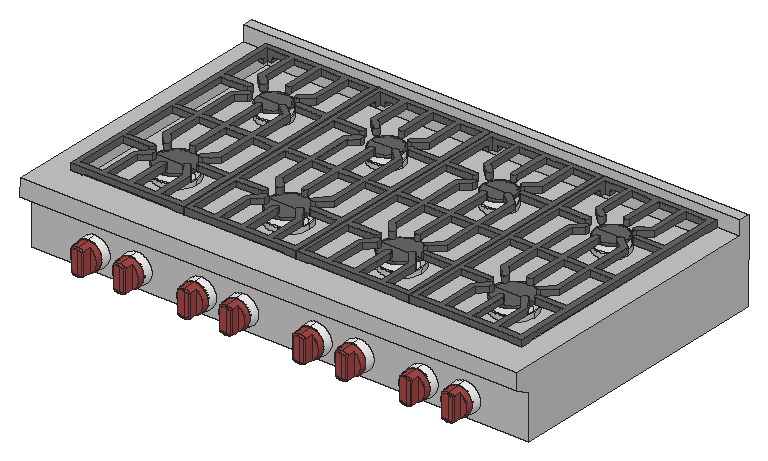
Revit family "M_Fogão de acendimento frontal-1200 mm", category Equipamento especial, Revit 2019
Family settings
  Cota do conector redondo = Utilizar diâmetro
  Tipo de parte = Normal
  Número OmniClass = 23.40.40.14
  Título OmniClass = Food Service Equipment
  Com base no plano de trabalho = Não
  Sempre na vertical = Sim
  Corte com vazios quando carregada = Não
  Compartilhado = Não
  Ponto de cálculo do ambiente = Não
Parameters (values of type "Queimadores")
  Largura = 1200 mm
  Deslocamento de parede = 0 mm
  Voltagem = 120 V
  Type Comments = ""
  Acabamento da moldura = Eletrodoméstico – Cromado
  Mostrar legenda = yes
  Consumo de energia = 500 VA
  Legenda = "Acendimento frontal"
  Botão = Eletrodoméstico – Plástico – Vermelho
  Altura = 200 mm
  Chapa = Eletrodoméstico – Aço inoxidável – Escovado
  Largura da grelha = (Largura - 107.95 mm) / 4 - 0.794 mm  # 272.219 mm
  Profundidade da grelha = Linear - 109.438 mm  # 590.55 mm
  Descrição = "Acendimento frontal"
  Linear = 699.988 mm
  Queimadores direitos centrais = yes
  Grelha central – Direita = M_Superfície do fogão : M_Queimadores
  Grelha central – Esquerda = M_Superfície do fogão : M_Queimadores
  Queimadores esquerdos centrais = yes
  Queimador = Eletrodoméstico – Tampa do queimador
  Código de montagem = "E1090320"
  Acabamento do eletrodoméstico = Eletrodoméstico – Aço inoxidável – Semipolido
  Amperagem = Consumo de energia / Voltagem  # 4.16667 A
Types (8, lengths in mm): name | Profundidade da grelha | Linear | Queimadores direitos centrais | Grelha central – Direita | Grelha central – Esquerda | Queimadores esquerdos centrais
  Queimadores | 590.55 | 699.988 | yes | M_Superfície do fogão : M_Queimadores | M_Superfície do fogão : M_Queimadores | yes
  Chapa/grelhador | 590.55 | 699.988 | no | M_Superfície do fogão : M_Grelhador | M_Superfície do fogão : M_Chapa | no
  Grelhador/chapa | 590.562 | 700 | no | M_Superfície do fogão : M_Chapa | M_Superfície do fogão : M_Grelhador | no
  Chapa dupla | 590.55 | 699.988 | no | M_Superfície do fogão : M_Chapa dupla – Direita | M_Superfície do fogão : M_Chapa dupla – Esquerda | no
  Chapa – Centro esquerda | 590.55 | 699.988 | yes | M_Superfície do fogão : M_Queimadores | M_Superfície do fogão : M_Chapa | no
  Chapa – Centro direita | 590.55 | 699.988 | no | M_Superfície do fogão : M_Chapa | M_Superfície do fogão : M_Queimadores | yes
  Grelhador – Centro esquerda | 590.55 | 699.988 | yes | M_Superfície do fogão : M_Queimadores | M_Superfície do fogão : M_Grelhador | no
  Grelhador – Centro direita | 590.55 | 699.988 | no | M_Superfície do fogão : M_Grelhador | M_Superfície do fogão : M_Queimadores | yes
Reference planes
  plane 1 "Parte posterior": y = 0
  plane 2: z = 0
  plane 3 "Centro (Esquerda/Direita)": x = 0
  plane 4 "Esquerda": x = -600
  plane 5 "Direita": x = 600
  plane 6: y = 0
  plane 7 "Aresta": y = -699.988
  plane 8 "Traseira da porta": y = -615.988
  plane 9 "Superior": z = 200
  plane 10 "Queimador": z = 165
  plane 11 "Botões": z = 44.35
  plane 12 "Face da porta": y = -663.988
  plane 13: x = 544.438
  plane 14: x = -544.438
  plane 15: x = 326.663
  plane 16: x = -326.663
  plane 17: x = -162
  plane 18: x = -108.887
  plane 19: x = 108.888
  plane 20: x = -447.6
  plane 21: x = -346
  plane 22: x = 447.6
  plane 23: x = 346
  plane 24: x = 236.969
  plane 25: z = 133.06
  plane 26: x = -381
  plane 27: x = 219
  plane 28: y = -953.988
  plane 29: x = -10.16
  plane 30: x = 10.16
  plane 31: x = -30.48
  plane 32: x = 30.48
  plane 33: x = 283.369
  plane 34 "1": x = -272.219
  plane 35: x = 0
  plane 36 "2": x = 272.219
  plane 37: x = -193.75
  plane 38: x = 193.675
  plane 39: x = -182.525
  plane 40: x = 182.525
  plane 41: x = -88.9
  plane 42: x = -190.5
  plane 43: x = 88.9
  plane 44: x = 190.5
  plane 45: x = 498.4
  plane 46: x = 422.2
  plane 47: y = -101.6
Forms (mm)
  Extrusion 1, void
    sketch origin (0, 0, 200) x (-1, 0, 0) y (0, -1, 0)
      loop
        line (544.438, 25.4) -> (544.438, 615.988) -> (-544.438, 615.988) -> (-544.438, 25.4) -> (544.438, 25.4)
    from 0 to -66.94
  Extrusion 2, solid, material "Eletrodoméstico – Aço inoxidável – Semipolido" <- "Acabamento do eletrodoméstico"
    sketch origin (0, 0, 0) x (0, 1, 0) y (0, 0, 1)
      loop
        line (-25.4, 200) -> (-25.4, 165) -> (-699.988, 165) -> (-699.988, 125) -> (-663.988, 105) -> (-663.988, 0) -> (0, 0) -> (0, 200) -> (-25.4, 200)
    from -600 to 600
Cuts and joins
  Extrusion 1 cuts Extrusion 2
Lines and regions (mm)
  Split face 1
    outline origin (600, -663.988, 0) x (0, 1, 0) y (-1, 0, 0)
      loop
        circle (562.388, 101.6) r 6.35
  Split face 2
    outline origin (600, -663.988, 0) x (0, 1, 0) y (-1, 0, 0)
      loop
        circle (562.388, 177.8) r 6.35
Dimensions and locks
  equal spacing: plane 4 "Esquerda", plane 3 "Centro (Esquerda/Direita)", plane 5 "Direita"
  "Largura": plane 4 "Esquerda" to plane 5 "Direita"
  "Linear": plane 6 to plane 7 "Aresta"
  "Deslocamento de parede": plane 1 "Parte posterior" to plane 6
  "Altura": plane 9 "Superior" to level
  locked: plane 8 "Traseira da porta" to plane 7 "Aresta" at 84
  locked: plane 9 "Superior" to plane 10 "Queimador" at 35
  locked: plane 10 "Queimador" to plane 11 "Botões" at 120.65
  locked: plane 6 to Extrusion 2 sketch curve at 25.4
  plane 6 to Extrusion 1 sketch curve = 25.4 mm
  locked: plane 7 "Aresta" to plane 12 "Face da porta" at 36
  locked: plane 13 to plane 5 "Direita" at 55.562
  plane 4 "Esquerda" to plane 14 = 55.562 mm
  locked: plane 5 "Direita" to plane 17 at 762
  equal spacing: plane 14, plane 16, plane 18, plane 19, plane 15, plane 13
  plane 21 to plane 20 to plane 4 "Esquerda" = 101.6 mm locked, 152.4 mm locked
  plane 5 "Direita" to plane 22 to plane 23 = 152.4 mm locked, 101.6 mm locked
  locked: plane 15 to plane 24 at 89.694
  locked: plane 9 "Superior" to plane 25 at 66.94
  equal spacing: plane 4 "Esquerda", plane 26, plane 17
  equal spacing: plane 17, plane 27, plane 5 "Direita"
  locked: plane 7 "Aresta" to plane 28 at 254
  locked: plane 3 "Centro (Esquerda/Direita)" to plane 29 at 10.16
  plane 30 to plane 3 "Centro (Esquerda/Direita)" = 10.16 mm
  locked: plane 32 to plane 30 at 20.32
  locked: plane 29 to plane 31 at 20.32
  plane 14 to plane 34 "1" to plane 35 to plane 13 = 272.219 mm, 272.219 mm, 544.438 mm  (x2)
  plane 20 to plane 21 = 101.6 mm
  equal spacing: plane 14, plane 34 "1", plane 35, plane 36 "2", plane 13
  locked: plane 17 to plane 37 at 31.75
  plane 33 to plane 38 = 89.694 mm
  locked: plane 39 to plane 34 "1" at 89.694
  locked: plane 36 "2" to plane 40 at 89.694
  plane 3 "Centro (Esquerda/Direita)" to plane 41 to plane 42 = 88.9 mm locked, 101.6 mm locked
  locked: plane 43 to plane 3 "Centro (Esquerda/Direita)" at 88.9
  locked: plane 44 to plane 43 at 101.6
  plane 46 to plane 45 to plane 5 "Direita" = 76.2 mm locked, 101.6 mm locked
  locked: plane 6 to plane 47 at 101.6
  radius of Split face 1 sketch curve = 6.35 mm
  radius of Split face 2 sketch curve = 6.35 mm
  aligned and locked: plane 2 to level
  aligned and locked: plane 9 "Superior" to Extrusion 2 sketch curve
  aligned and locked: Extrusion 2 sketch curve to plane 12 "Face da porta"
  aligned and locked: plane 7 "Aresta" to Extrusion 2 sketch curve
  aligned and locked: plane 10 "Queimador" to Extrusion 2 sketch curve
  aligned and locked: Extrusion 2 sketch curve to plane 6
  aligned and locked: plane 12 "Face da porta" to nested 2
  aligned and locked: plane 12 "Face da porta" to nested 3
  aligned and locked: nested 2 to plane 11 "Botões"
  aligned and locked: nested 3 to plane 11 "Botões"
  aligned and locked: plane 12 "Face da porta" to nested 4
  aligned and locked: nested 4 to plane 11 "Botões"
  aligned and locked: plane 14 to Extrusion 1 sketch curve
  aligned and locked: Extrusion 1 sketch curve to plane 13
  aligned and locked: nested 5 to plane 8 "Traseira da porta"
  aligned and locked: nested 8 to plane 11 "Botões"
  aligned and locked: nested 6 to plane 11 "Botões"
  aligned and locked: nested 7 to plane 11 "Botões"
  aligned and locked: nested 7 to plane 12 "Face da porta"
  aligned and locked: nested 8 to plane 12 "Face da porta"
  aligned and locked: nested 6 to plane 12 "Face da porta"
  aligned and locked: nested 9 to plane 12 "Face da porta"
  aligned and locked: nested 10 to plane 12 "Face da porta"
  aligned and locked: plane 20 to nested 4
  aligned and locked: plane 21 to nested 3
  aligned and locked: plane 22 to nested 6
  aligned and locked: plane 23 to nested 2
  aligned and locked: nested 9 to plane 11 "Botões"
  aligned and locked: nested 10 to plane 11 "Botões"
  aligned and locked: plane 25 to nested 5
  aligned and locked: nested 1 to plane 28
  aligned and locked: nested 5 to plane 14
  aligned and locked: plane 34 "1" to nested 11
  aligned and locked: plane 36 "2" to nested 13
  aligned and locked: plane 36 "2" to nested 12
  aligned and locked: plane 8 "Traseira da porta" to nested 11
  aligned and locked: plane 8 "Traseira da porta" to nested 12
  aligned and locked: plane 8 "Traseira da porta" to nested 13
  aligned and locked: plane 25 to nested 11
  aligned and locked: plane 25 to nested 12
  aligned and locked: plane 25 to nested 13
  aligned and locked: plane 3 "Centro (Esquerda/Direita)" to nested 1
  aligned and locked: cut or joined group of Extrusion 1, Extrusion 2 to plane 2
  aligned and locked: plane 41 to nested 9
  aligned and locked: plane 42 to nested 7
  aligned and locked: plane 43 to nested 10
  aligned and locked: plane 44 to nested 8
  aligned and locked: Extrusion 2 to plane 4 "Esquerda"
  aligned and locked: plane 5 "Direita" to cut or joined group of Extrusion 1, Extrusion 2
Automatic sketch dimensions
  Extrusion 1 sketch curve to plane 8 "Traseira da porta" = 0 mm
  Extrusion 2 sketch curve to plane 10 "Queimador" = 60 mm
  Extrusion 2 sketch curve to Extrusion 2 sketch curve = 40 mm
  level to Extrusion 2 sketch curve = 0 mm
  Split face 1 sketch curve to cut or joined group of Extrusion 1, Extrusion 2 = 101.6 mm  (x2)
  Split face 2 sketch curve to cut or joined group of Extrusion 1, Extrusion 2 = 101.6 mm
  Split face 2 sketch curve to cut or joined group of Extrusion 1, Extrusion 2 = 177.8 mm
Nested families
  nested 1: "Anotação de legenda de 2,5" at (0, -953.988, 0), visible <- "Mostrar legenda", type "Anotação de legenda de 2,5"
  nested 2: "M_Botão" at (346, -663.988, 44.35), type "M_Botão", detail levels medium+fine
  nested 3: "M_Botão" at (-346, -663.988, 44.35), type "M_Botão", detail levels medium+fine
  nested 4: "M_Botão" at (-447.6, -663.988, 44.35), type "M_Botão", detail levels medium+fine
  nested 5: "M_Superfície do fogão" at (-408.159, -320.713, 133.06), type "M_Queimadores"
    with Mostrar grelha yes, Mostrar base no, Tem grelhador no, Extensão direita da chapa 3 mm, Extensão esquerda da chapa 3 mm, Largura da grelha 272.219 mm, Profundidade da grelha 590.55 mm, Tem queimadores yes, Mostrar queimadores yes
  nested 6: "M_Botão" at (447.6, -663.988, 44.35), type "M_Botão", detail levels medium+fine
  nested 7: "M_Botão" at (-190.5, -663.988, 44.35), type "M_Botão", detail levels medium+fine
  nested 8: "M_Botão" at (190.5, -663.988, 44.35), type "M_Botão", detail levels medium+fine
  nested 9: "M_Botão" at (-88.9, -663.988, 44.35), visible <- "Queimadores esquerdos centrais", type "M_Botão", detail levels medium+fine
  nested 10: "M_Botão" at (88.9, -663.988, 44.35), visible <- "Queimadores direitos centrais", type "M_Botão", detail levels medium+fine
  nested 11: "M_Superfície do fogão" at (-135.94, -320.713, 133.06), type <- "Grelha central – Esquerda", type "M_Queimadores"
    with Mostrar grelha yes, Mostrar base no, Tem grelhador no, Extensão direita da chapa 3 mm, Extensão esquerda da chapa 3 mm, Largura da grelha 272.219 mm, Profundidade da grelha 590.55 mm, Tem queimadores yes, Mostrar queimadores yes
  nested 12: "M_Superfície do fogão" at (136.278, -320.713, 133.06), type <- "Grelha central – Direita", type "M_Queimadores"
    with Mostrar grelha yes, Mostrar base no, Tem grelhador no, Extensão direita da chapa 3 mm, Extensão esquerda da chapa 3 mm, Largura da grelha 272.219 mm, Profundidade da grelha 590.55 mm, Tem queimadores yes, Mostrar queimadores yes
  nested 13: "M_Superfície do fogão" at (408.497, -320.713, 133.06), type "M_Queimadores"
    with Mostrar grelha yes, Mostrar base no, Tem grelhador no, Extensão direita da chapa 3 mm, Extensão esquerda da chapa 3 mm, Largura da grelha 272.219 mm, Profundidade da grelha 590.55 mm, Tem queimadores yes, Mostrar queimadores yes
Connectors
  electrical at (498.4, -101.6, 0), driven by "Voltagem", driven by "Consumo de energia"
    settings: on cut or joined group of Extrusion 1, Extrusion 2, index 1, voltage 120 V, apparent load 500 VA, apparent load phase1 0 VA, apparent load phase2 0 VA, apparent load phase3 0 VA, power factor 1, load classification "Eletrodoméstico", number of poles 1, system type 30, power factor state 1, is connector primary yes, connector utility no, sub classification motor no, connector description "Potência do fogão de acendimento frontal"
  piping at (422.2, -101.6, 0), diameter 12.7
    settings: on cut or joined group of Extrusion 1, Extrusion 2, index 2, connector inside diameter 609.6 mm, connector length 0 mm, flow factor 0, pipe flow 0.0 L/s, pressure drop 0.0 Pa, fitting loss kfactor 0, connector angle 0.00°, fixture units 0, engagement length 0 mm, angle of deflection 0.00°, flow configuration 1, flow direction 1, fitting loss method 0, system type 22, joint type 0, gender type 0, connector reference index -1, connector utility 0, adjustable connector no, is connector primary yes, connector description "Fogão a gás de acendimento frontal"
Definition of nested family "M_Botão"
  Parameters (values of type "Botão")
    Material = none
    Material da moldura = none
  Reference planes
    plane 1 "Centro (Frente/Trás)": y = 0
    plane 2: z = 0
    plane 3 "Centro (Esquerda/Direita)": x = 0
    plane 4: y = -35
    plane 5: y = -55
  Forms (mm)
    Revolve 1, solid, material <- "Material"
      sketch origin (0, 0, 0) x (0, 1, 0) y (0, 0, 1)
        loop
          line (0, 35) -> (-20, 33) -> (-20, 32) -> (-52.687, 31.066)
          arc (-52.687, 31.066) -> (-54.326, 30.345) -> (-55, 28.686) r 2.381
          line (-55, 28.686) -> (-55, 0) -> (0, 0) -> (0, 35)
        axis (0, 0) -> (-55, 0)
      angle from 0 to 360
    Extrusion 2, void
      sketch origin (0, 0, 0) x (1, 0, 0) y (0, 1, 0)
        loop
          line (31.571, -35) -> (15, -35) -> (15, -52.619)
          arc (15, -52.619) -> (14.303, -54.303) -> (12.619, -55) r 2.381
          line (12.619, -55) -> (31.571, -55) -> (31.571, -35)
        loop
          line (-31.571, -35) -> (-31.571, -55) -> (-12.619, -55)
          arc (-12.619, -55) -> (-14.303, -54.303) -> (-15, -52.619) r 2.381
          line (-15, -52.619) -> (-15, -35) -> (-31.571, -35)
      from -34.753 to 36.709
  Cuts and joins
    Extrusion 2 cuts Revolve 1
  Dimensions and locks
    plane 5 to plane 4 to plane 1 "Centro (Frente/Trás)" = 20 mm locked, 35 mm locked
    aligned and locked: plane 2 to level
    aligned and locked: Revolve 1 sketch curve to level
    aligned and locked: plane 4 to Extrusion 2 sketch curve
    aligned and locked: Extrusion 2 sketch curve to plane 5
Definition of nested family "M_Superfície do fogão"
  Parameters (values of type "Grelhador")
    Mostrar grelha = no
    Mostrar base = yes
    Tem grelhador = yes
    Tem chapa = no
    Extensão direita da chapa = 30 mm
    Extensão esquerda da chapa = 20 mm
    Chapa = none
    Largura da grelha = 270 mm
    Espessura da grelha = 12.5 mm
    Profundidade da grelha = 590 mm
    Grelha = none
    Queimador = none
    Tem queimadores = no
    Mostrar queimadores = no
  Types (5, lengths in mm): name | Mostrar grelha | Mostrar base | Tem grelhador | Tem chapa | Extensão direita da chapa | Extensão esquerda da chapa | Espessura da grelha | Tem queimadores | Mostrar queimadores
    Queimadores | yes | no | no | no | 3 | 3 | 12.5 | yes | yes
    Grelhador | no | yes | yes | no | 30 | 20 | 12.5 | no | no
    Chapa | no | no | no | yes | 3 | 3 | 14.484 | no | no
    Chapa dupla – Esquerda | no | no | no | yes | 0 | 3 | 14.484 | no | no
    Chapa dupla – Direita | no | no | no | yes | 3 | 0 | 14.484 | no | no
  Reference planes
    plane 1 "Centro (Frente/Trás)": y = 0
    plane 2 "Inferior": z = 0
    plane 3 "Centro (Esquerda/Direita)": x = -0.169
    plane 4 "Queimador T.O.": z = 34.091
    plane 5 "Queimador posterior": y = 147.5
    plane 6 "Queimador frontal": y = -147.5
    plane 7: z = 61.94
    plane 8 "Grelha B.O.": z = 0
    plane 9 "Painel T.O.": z = 19.5
    plane 10 "Parte posterior": y = 295
    plane 11 "Parte frontal": y = -295
    plane 12 "Esquerda": x = -135.169
    plane 13 "Direita": x = 134.831
    plane 14 "Parte inferior da superfície": z = 47.709
    plane 15: x = -70.844
    plane 16: x = 57.806
    plane 17: x = 122.131
    plane 18: x = -122.469
    plane 19: y = 280.712
    plane 20: y = 153.85
    plane 21: y = 6.35
    plane 22: y = -6.35
    plane 23: y = -280.712
    plane 24: x = -58.144
    plane 25: x = 70.506
    plane 26: x = -6.916
    plane 27: x = 6.181
    plane 28: y = 141.15
    plane 29: y = -141.15
    plane 30: y = -153.85
    plane 31: x = -115.169
    plane 32: x = 104.831
  Forms (mm)
    Extrusion 1, void
      sketch origin (433.841, 349.972, -848.839) x (1, 0, 0) y (0, 0, 1)
        loop
          arc (-324.41, 876.58) -> (-326.27, 881.07) -> (-330.76, 882.93) r 6.35
          line (-330.76, 882.93) -> (-537.26, 882.93)
          arc (-537.26, 882.93) -> (-541.75, 881.07) -> (-543.61, 876.58) r 6.35
          line (-543.61, 876.58) -> (-543.61, 868.339) -> (-324.41, 868.339) -> (-324.41, 876.58)
      from 54.697 to 694.851
    Extrusion 2, void
      sketch origin (433.841, 349.972, -848.839) x (0, 1, 0) y (0, 0, 1)
        loop
          arc (-80.372, 876.58) -> (-82.232, 881.07) -> (-86.722, 882.93) r 6.35
          line (-86.722, 882.93) -> (-613.222, 882.93)
          arc (-613.222, 882.93) -> (-617.712, 881.07) -> (-619.572, 876.58) r 6.35
          line (-619.572, 876.58) -> (-619.572, 868.339) -> (-80.372, 868.339) -> (-80.372, 876.58)
      from -569.01 to -299.01
    Revolve 3, solid, material <- "Queimador", visible <- "Mostrar queimadores"
      sketch origin (1.587, 147.5, -848.839) x (1, 0, 0) y (0, 0, 1)
        loop
          line (-1.756, 848.839) -> (-1.756, 882.247) -> (-39.029, 882.247)
          arc (-39.029, 882.247) -> (-40.942, 880.334) -> (-39.029, 878.422) r 1.913
          line (-39.029, 878.422) -> (-36.225, 878.422) -> (-38.898, 862.695) -> (-40.825, 860.127) -> (-40.825, 848.839) -> (-1.756, 848.839)
        axis (-1.756, 882.247) -> (-1.756, 848.839)
      angle from 0 to 360
    Revolve 4, solid, material <- "Queimador", visible <- "Mostrar queimadores"
      sketch origin (0, -147.5, -848.839) x (1, 0, 0) y (0, 0, 1)
        loop
          line (-0.169, 848.839) -> (-0.169, 882.247) -> (-48.158, 882.247)
          arc (-48.158, 882.247) -> (-50.07, 880.334) -> (-48.158, 878.422) r 1.913
          line (-48.158, 878.422) -> (-45.353, 878.422) -> (-48.026, 862.695) -> (-49.953, 860.127) -> (-49.953, 848.839) -> (-0.169, 848.839)
        axis (-0.169, 882.247) -> (-0.169, 848.839)
      angle from 0 to 360
    Extrusion 5, solid, material <- "Grelha", visible <- "Mostrar base", detail levels medium+fine
      sketch origin (0, 0, 19.5) x (-1, 0, 0) y (0, -1, 0)
        loop
          line (135.169, -295) -> (135.169, 295) -> (-134.831, 295) -> (-134.831, -295) -> (135.169, -295)
        loop
          line (114.335, -274.166) -> (114.335, 274.166) -> (-114.194, 274.166) -> (-114.194, -274.166) -> (114.335, -274.166)
      from 0 to 28.209
    Extrusion 6, solid, material <- "Grelha", visible <- "Tem grelhador"
      sketch origin (0, 0, 0) x (1, 0, 0) y (0, 0, 1)
        loop
          line (-135.169, 47.709) -> (-124.329, 47.709) -> (-124.329, 57.45) -> (-128.819, 61.94) -> (-135.169, 61.94) -> (-135.169, 47.709)
        loop
          line (3.816, 47.709) -> (3.816, 61.94) -> (-4.154, 61.94) -> (-4.154, 47.709) -> (3.816, 47.709)
        loop
          line (-12.123, 47.709) -> (-12.123, 61.94) -> (-20.092, 61.94) -> (-20.092, 47.709) -> (-12.123, 47.709)
        loop
          line (-28.061, 47.709) -> (-28.061, 61.94) -> (-36.03, 61.94) -> (-36.03, 47.709) -> (-28.061, 47.709)
        loop
          line (-43.999, 47.709) -> (-43.999, 61.94) -> (-51.969, 61.94) -> (-51.969, 47.709) -> (-43.999, 47.709)
        loop
          line (-59.938, 47.709) -> (-59.938, 61.94) -> (-67.907, 61.94) -> (-67.907, 47.709) -> (-59.938, 47.709)
        loop
          line (-75.876, 47.709) -> (-75.876, 61.94) -> (-83.845, 61.94) -> (-83.845, 47.709) -> (-75.876, 47.709)
        loop
          line (-91.815, 47.709) -> (-91.815, 61.94) -> (-99.784, 61.94) -> (-99.784, 47.709) -> (-91.815, 47.709)
        loop
          line (-107.753, 47.709) -> (-107.753, 61.94) -> (-115.722, 61.94) -> (-115.722, 47.709) -> (-107.753, 47.709)
        loop
          line (134.831, 47.709) -> (134.831, 61.94) -> (128.481, 61.94) -> (123.991, 57.45) -> (123.991, 47.709) -> (134.831, 47.709)
        loop
          line (11.785, 47.709) -> (19.754, 47.709) -> (19.754, 61.94) -> (11.785, 61.94) -> (11.785, 47.709)
        loop
          line (27.723, 47.709) -> (35.692, 47.709) -> (35.692, 61.94) -> (27.723, 61.94) -> (27.723, 47.709)
        loop
          line (43.662, 47.709) -> (51.631, 47.709) -> (51.631, 61.94) -> (43.662, 61.94) -> (43.662, 47.709)
        loop
          line (59.6, 47.709) -> (67.569, 47.709) -> (67.569, 61.94) -> (59.6, 61.94) -> (59.6, 47.709)
        loop
          line (75.538, 47.709) -> (83.507, 47.709) -> (83.507, 61.94) -> (75.538, 61.94) -> (75.538, 47.709)
        loop
          line (91.477, 47.709) -> (99.446, 47.709) -> (99.446, 61.94) -> (91.477, 61.94) -> (91.477, 47.709)
        loop
          line (107.415, 47.709) -> (115.384, 47.709) -> (115.384, 61.94) -> (107.415, 61.94) -> (107.415, 47.709)
      from -295 to 295
    Extrusion 7, solid, material <- "Chapa", visible <- "Tem chapa"
      sketch origin (0, 0, 19.5) x (-1, 0, 0) y (0, -1, 0)
        loop
          line (135.169, -295) -> (135.169, 295) -> (-134.831, 295) -> (-134.831, -295) -> (135.169, -295)
      from 0 to 42.44
    Extrusion 8, void
      sketch origin (-0.169, 0, 0) x (0, 1, 0) y (0, 0, 1)
        loop
          line (291.825, 61.94) -> (-291.825, 61.94) -> (-291.825, 34.091) -> (-247.375, 34.091) -> (-247.375, 47.709) -> (291.825, 47.709) -> (291.825, 61.94)
      from -115 to 105
    Extrusion 9, solid, material <- "Grelha", visible <- "Mostrar grelha", detail levels fine
      sketch origin (0, 0, 19.5) x (-1, 0, 0) y (0, -1, 0)
        loop
          line (135.169, -295) -> (135.169, 295) -> (-134.831, 295) -> (-134.831, -295) -> (135.169, -295)
        loop
          line (122.469, -280.712) -> (122.469, -153.85) -> (58.144, -153.85)
          arc (58.144, -153.85) -> (51.794, -147.5) -> (58.144, -141.15) r 6.35
          line (58.144, -141.15) -> (122.469, -141.15) -> (122.469, -6.35) -> (70.844, -6.35) -> (70.844, -106.029) -> (48.666, -127.936)
          arc (48.666, -127.936) -> (38.563, -127.936) -> (38.563, -117.833) r 7.144
          line (38.563, -117.833) -> (58.144, -100.11) -> (58.144, -6.35) -> (6.916, -6.35) -> (6.916, -100.995)
          arc (6.916, -100.995) -> (0.367, -107.544) -> (-6.181, -100.995) r 6.548
          line (-6.181, -100.995) -> (-6.181, -6.35) -> (-57.806, -6.35) -> (-57.806, -100.11) -> (-35.05, -117.833)
          arc (-35.05, -117.833) -> (-35.05, -127.936) -> (-45.153, -127.936) r 7.144
          line (-45.153, -127.936) -> (-70.506, -106.029) -> (-70.506, -6.35) -> (-122.327, -6.35) -> (-122.327, -141.15) -> (-57.806, -141.15)
          arc (-57.806, -141.15) -> (-51.456, -147.5) -> (-57.806, -153.85) r 6.35
          line (-57.806, -153.85) -> (-122.327, -153.85) -> (-122.327, -280.712) -> (-70.506, -280.712) -> (-70.506, -188.971) -> (-45.153, -167.064)
          arc (-45.153, -167.064) -> (-35.05, -167.064) -> (-35.05, -177.167) r 7.144
          line (-35.05, -177.167) -> (-57.806, -194.89) -> (-57.806, -280.712) -> (-6.181, -280.712) -> (-6.181, -194.005)
          arc (-6.181, -194.005) -> (0.367, -187.456) -> (6.916, -194.005) r 6.548
          line (6.916, -194.005) -> (6.916, -280.712) -> (58.144, -280.712) -> (58.144, -194.89) -> (38.563, -177.167)
          arc (38.563, -177.167) -> (38.563, -167.064) -> (48.666, -167.064) r 7.144
          line (48.666, -167.064) -> (70.844, -188.971) -> (70.844, -280.712) -> (122.469, -280.712)
        loop
          line (122.469, 280.909) -> (70.844, 280.909) -> (70.844, 187.698) -> (48.666, 160.757)
          arc (48.666, 160.757) -> (38.563, 160.757) -> (38.563, 170.86) r 7.144
          line (38.563, 170.86) -> (58.144, 193.616) -> (58.144, 280.909) -> (6.916, 280.909) -> (6.916, 187.698)
          arc (6.916, 187.698) -> (0.367, 181.149) -> (-6.181, 187.698) r 6.548
          line (-6.181, 187.698) -> (-6.181, 280.909) -> (-57.806, 280.909) -> (-57.806, 199.652) -> (-35.05, 170.86)
          arc (-35.05, 170.86) -> (-35.05, 160.757) -> (-45.153, 160.757) r 7.144
          line (-45.153, 160.757) -> (-70.506, 193.734) -> (-70.506, 280.909) -> (-122.327, 280.909) -> (-122.327, 153.85) -> (-57.806, 153.85)
          arc (-57.806, 153.85) -> (-51.456, 147.5) -> (-57.806, 141.15) r 6.35
          line (-57.806, 141.15) -> (-122.327, 141.15) -> (-122.327, 6.35) -> (-70.506, 6.35) -> (-70.506, 97.576) -> (-45.153, 124.516)
          arc (-45.153, 124.516) -> (-35.05, 124.516) -> (-35.05, 114.414) r 7.144
          line (-35.05, 114.414) -> (-57.806, 91.658) -> (-57.806, 6.35) -> (-6.181, 6.35) -> (-6.181, 96.829)
          arc (-6.181, 96.829) -> (0.367, 103.378) -> (6.916, 96.829) r 6.548
          line (6.916, 96.829) -> (6.916, 6.35) -> (58.144, 6.35) -> (58.144, 91.658) -> (38.563, 114.414)
          arc (38.563, 114.414) -> (38.563, 124.516) -> (48.666, 124.516) r 7.144
          line (48.666, 124.516) -> (70.844, 97.576) -> (70.844, 6.35) -> (122.469, 6.35) -> (122.469, 141.15) -> (58.144, 141.15)
          arc (58.144, 141.15) -> (51.794, 147.5) -> (58.144, 153.85) r 6.35
          line (58.144, 153.85) -> (122.469, 153.85) -> (122.469, 280.909)
      from 0 to 28.209
  Cuts and joins
    Extrusion 1, Extrusion 2, Extrusion 8 cuts Extrusion 5
    Extrusion 8 cuts Extrusion 7
    Extrusion 1, Extrusion 2 cuts Extrusion 9
  Dimensions and locks
    equal spacing: plane 10 "Parte posterior", plane 5 "Queimador posterior", plane 1 "Centro (Frente/Trás)", plane 6 "Queimador frontal", plane 11 "Parte frontal"
    "Profundidade da grelha": plane 10 "Parte posterior" to plane 11 "Parte frontal"
    equal spacing: plane 12 "Esquerda", plane 3 "Centro (Esquerda/Direita)", plane 13 "Direita"
    "Largura da grelha": plane 12 "Esquerda" to plane 13 "Direita"
    locked: plane 7 to plane 14 "Parte inferior da superfície" at 14.231
    locked: Extrusion 5 sketch curve to plane 11 "Parte frontal" at 20.834
    locked: plane 10 "Parte posterior" to Extrusion 5 sketch curve at 20.834
    locked: Extrusion 5 sketch curve to plane 13 "Direita" at 20.637
    locked: plane 12 "Esquerda" to Extrusion 5 sketch curve at 20.834
    locked: plane 12 "Esquerda" to Extrusion 6 sketch curve at 19.447
    locked: Extrusion 6 sketch curve to plane 13 "Direita" at 19.447
    equal spacing: Extrusion 6 sketch curve, Extrusion 6 sketch curve, Extrusion 6 sketch curve, Extrusion 6 sketch curve, Extrusion 6 sketch curve, Extrusion 6 sketch curve, Extrusion 6 sketch curve, Extrusion 6 sketch curve, Extrusion 6 sketch curve, Extrusion 6 sketch curve, Extrusion 6 sketch curve, Extrusion 6 sketch curve, Extrusion 6 sketch curve, Extrusion 6 sketch curve, Extrusion 6 sketch curve, Extrusion 6 sketch curve, Extrusion 6 sketch curve, Extrusion 6 sketch curve, Extrusion 6 sketch curve, Extrusion 6 sketch curve, Extrusion 6 sketch curve, Extrusion 6 sketch curve, Extrusion 6 sketch curve, Extrusion 6 sketch curve, Extrusion 6 sketch curve, Extrusion 6 sketch curve, Extrusion 6 sketch curve, Extrusion 6 sketch curve, Extrusion 6 sketch curve, Extrusion 6 sketch curve
    locked: plane 10 "Parte posterior" to Extrusion 8 sketch curve at 3.175
    locked: Extrusion 8 sketch curve to plane 11 "Parte frontal" at 3.175
    plane 12 "Esquerda" to cut or joined group of Extrusion 7, Extrusion 8 = 20 mm
    cut or joined group of Extrusion 7, Extrusion 8 to plane 13 "Direita" = 30 mm
    locked: plane 15 to plane 24 at 12.7
    locked: plane 16 to plane 25 at 12.7
    plane 26 to plane 27 = 13.097 mm  (x2)
    plane 29 to plane 6 "Queimador frontal" to plane 30 = 6.35 mm locked, 6.35 mm locked
    plane 21 to plane 1 "Centro (Frente/Trás)" to plane 22 = 6.35 mm locked, 6.35 mm locked
    plane 20 to plane 5 "Queimador posterior" to plane 28 = 6.35 mm locked, 6.35 mm locked
    locked: plane 12 "Esquerda" to Extrusion 1 sketch curve at 25.4
    locked: Extrusion 1 sketch curve to plane 13 "Direita" at 25.4
    locked: plane 10 "Parte posterior" to Extrusion 2 sketch curve at 25.4
    locked: Extrusion 2 sketch curve to plane 11 "Parte frontal" at 25.4
    "Extensão esquerda da chapa": plane 12 "Esquerda" to plane 31
    "Extensão direita da chapa": plane 32 to plane 13 "Direita"
    locked: plane 17 to plane 13 "Direita" at 12.7
    locked: plane 12 "Esquerda" to plane 18 at 12.7
    equal spacing: plane 18, plane 24, plane 27, plane 25, plane 13 "Direita"
    locked: plane 10 "Parte posterior" to plane 19 at 14.288
    locked: plane 23 to plane 11 "Parte frontal" at 14.288
    locked: cut or joined group of Extrusion 7, Extrusion 8 to plane 11 "Parte frontal" at 47.625
    plane 12 "Esquerda" to plane 3 "Centro (Esquerda/Direita)" = 135 mm
    plane 3 "Centro (Esquerda/Direita)" to plane 13 "Direita" = 135 mm
    aligned and locked: Revolve 4 to plane 8 "Grelha B.O."
    aligned and locked: Revolve 3 to plane 8 "Grelha B.O."
    aligned and locked: Revolve 4 sketch curve to plane 3 "Centro (Esquerda/Direita)"
    aligned and locked: Revolve 3 sketch curve to plane 3 "Centro (Esquerda/Direita)"
    aligned and locked: plane 9 "Painel T.O." to Extrusion 2 sketch curve
    aligned and locked: Extrusion 1 sketch curve to plane 9 "Painel T.O."
    aligned and locked: Extrusion 5 sketch curve to plane 10 "Parte posterior"
    aligned and locked: plane 13 "Direita" to Extrusion 5 sketch curve
    aligned and locked: plane 11 "Parte frontal" to Extrusion 5 sketch curve
    aligned and locked: Extrusion 5 sketch curve to plane 12 "Esquerda"
    aligned and locked: Extrusion 5 to plane 9 "Painel T.O."
    aligned and locked: cut or joined group of Extrusion 1, Extrusion 2, Extrusion 5, Extrusion 8 to plane 13 "Direita"
    aligned and locked: plane 12 "Esquerda" to cut or joined group of Extrusion 1, Extrusion 2, Extrusion 5, Extrusion 8
    aligned and locked: Extrusion 1 sketch curve to plane 4 "Queimador T.O."
    aligned and locked: plane 4 "Queimador T.O." to Extrusion 2 sketch curve
    aligned and locked: Extrusion 6 sketch curve to plane 7  (x9)
    aligned and locked: plane 7 to Extrusion 6 sketch curve  (x8)
    aligned and locked: Extrusion 6 sketch curve to plane 14 "Parte inferior da superfície"  (x8)
    aligned and locked: plane 14 "Parte inferior da superfície" to Extrusion 6 sketch curve  (x9)
    aligned and locked: Extrusion 6 sketch curve to plane 12 "Esquerda"
    aligned and locked: Extrusion 6 sketch curve to plane 13 "Direita"
    aligned and locked: plane 10 "Parte posterior" to Extrusion 6
    aligned and locked: Extrusion 7 sketch curve to plane 10 "Parte posterior"
    aligned and locked: Extrusion 7 sketch curve to plane 12 "Esquerda"
    aligned and locked: plane 13 "Direita" to Extrusion 7 sketch curve
    aligned and locked: plane 11 "Parte frontal" to Extrusion 7 sketch curve
    aligned and locked: plane 7 to Extrusion 7
    aligned and locked: Extrusion 8 sketch curve to plane 14 "Parte inferior da superfície"
    aligned and locked: plane 7 to Extrusion 8 sketch curve
    aligned and locked: Extrusion 8 sketch curve to plane 4 "Queimador T.O."
    aligned and locked: cut or joined group of Extrusion 7, Extrusion 8 to plane 9 "Painel T.O."
    aligned and locked: plane 18 to Extrusion 9 sketch curve  (x2)
    aligned and locked: Extrusion 9 sketch curve to plane 19  (x4)
    aligned and locked: plane 13 "Direita" to Extrusion 9 sketch curve
    aligned and locked: Extrusion 9 sketch curve to plane 20
    aligned and locked: plane 20 to Extrusion 9 sketch curve
    aligned and locked: Extrusion 9 sketch curve to plane 28
    aligned and locked: plane 28 to Extrusion 9 sketch curve
    aligned and locked: Extrusion 9 sketch curve to plane 29
    aligned and locked: plane 30 to Extrusion 9 sketch curve
    aligned and locked: plane 29 to Extrusion 9 sketch curve
    aligned and locked: Extrusion 9 sketch curve to plane 30
    aligned and locked: Extrusion 9 to plane 9 "Painel T.O."
    aligned and locked: plane 14 "Parte inferior da superfície" to Extrusion 9
    aligned and locked: plane 32 to Extrusion 8
    aligned and locked: Extrusion 8 to plane 31
    aligned and locked: Extrusion 6 to plane 11 "Parte frontal"
  Automatic sketch dimensions
    Extrusion 2 sketch curve to Extrusion 2 sketch curve = 6.35 mm  (x2)
    Revolve 3 sketch curve to plane 2 "Inferior" = 0 mm
    Revolve 3 sketch curve to plane 3 "Centro (Esquerda/Direita)" = 0 mm
    Revolve 3 sketch curve to plane 4 "Queimador T.O." = 4.508 mm
    Revolve 3 sketch curve to plane 3 "Centro (Esquerda/Direita)" = 34.468 mm
    Revolve 3 sketch curve to plane 9 "Painel T.O." = 5.645 mm
    Revolve 3 sketch curve to Revolve 3 sketch curve = 2.673 mm
    Revolve 3 sketch curve to Revolve 3 sketch curve = 2.804 mm
    Revolve 3 sketch curve to plane 9 "Painel T.O." = 8.213 mm
    Revolve 3 sketch curve to Revolve 3 sketch curve = 1.927 mm
    Revolve 3 sketch curve to Revolve 3 sketch curve = 1.913 mm
    Revolve 3 sketch curve to Revolve 3 sketch curve = 5420.839 mm
    plane 7 to Revolve 3 sketch curve = 3642.171 mm
    Revolve 4 sketch curve to plane 2 "Inferior" = 0 mm
    Revolve 4 sketch curve to plane 3 "Centro (Esquerda/Direita)" = 0 mm
    Revolve 4 sketch curve to plane 4 "Queimador T.O." = 4.508 mm
    Revolve 4 sketch curve to plane 3 "Centro (Esquerda/Direita)" = 45.184 mm
    Revolve 4 sketch curve to plane 9 "Painel T.O." = 5.645 mm
    Revolve 4 sketch curve to Revolve 4 sketch curve = 2.673 mm
    Revolve 4 sketch curve to Revolve 4 sketch curve = 2.804 mm
    Revolve 4 sketch curve to plane 9 "Painel T.O." = 8.213 mm
    Revolve 4 sketch curve to Revolve 4 sketch curve = 1.927 mm
    Revolve 4 sketch curve to Revolve 4 sketch curve = 1.913 mm
    Revolve 4 sketch curve to Revolve 4 sketch curve = 5420.839 mm
    plane 7 to Revolve 4 sketch curve = 3642.171 mm
    Extrusion 6 sketch curve to plane 12 "Esquerda" = 6.35 mm
    Extrusion 6 sketch curve to Extrusion 6 sketch curve = 8.607 mm  (x2)
    Extrusion 6 sketch curve to plane 7 = 4.49 mm  (x2)
    Extrusion 6 sketch curve to Extrusion 6 sketch curve = 6.35 mm
    Extrusion 8 sketch curve to Extrusion 8 sketch curve = 44.45 mm
    Extrusion 9 sketch curve to plane 21 = 0 mm  (x4)
    Extrusion 9 sketch curve to plane 22 = 0 mm  (x4)
    Extrusion 9 sketch curve to plane 25 = 0 mm  (x4)
    Extrusion 9 sketch curve to plane 16 = 0 mm  (x6)
    Extrusion 9 sketch curve to plane 27 = 0 mm  (x4)
    Extrusion 9 sketch curve to plane 26 = 0 mm  (x4)
    Extrusion 9 sketch curve to plane 24 = 0 mm  (x6)
    Extrusion 9 sketch curve to plane 15 = 0 mm  (x4)
    Extrusion 9 sketch curve to plane 18 = 0 mm  (x2)
    Extrusion 9 sketch curve to plane 10 "Parte posterior" = 0 mm
    Extrusion 9 sketch curve to plane 12 "Esquerda" = 0 mm
    Extrusion 9 sketch curve to plane 11 "Parte frontal" = 0 mm
    plane 17 to Extrusion 9 sketch curve = 0.196 mm  (x4)
    Extrusion 9 sketch curve to plane 16 = 12.653 mm  (x4)
    Extrusion 9 sketch curve to Extrusion 9 sketch curve = 5.051 mm  (x24)
    Extrusion 9 sketch curve to plane 24 = 19.581 mm  (x4)
    Extrusion 9 sketch curve to Extrusion 9 sketch curve = 41.04 mm  (x2)
    plane 20 to Extrusion 9 sketch curve = 40.155 mm
    Extrusion 9 sketch curve to Extrusion 9 sketch curve = 5.918 mm  (x8)
    plane 20 to Extrusion 9 sketch curve = 23.317 mm  (x2)
    Extrusion 9 sketch curve to plane 28 = 13.214 mm  (x2)
    Extrusion 9 sketch curve to Extrusion 9 sketch curve = 21.908 mm  (x2)
    Extrusion 9 sketch curve to Extrusion 9 sketch curve = 16.838 mm
    Extrusion 9 sketch curve to Extrusion 9 sketch curve = 49.492 mm  (x2)
    plane 29 to Extrusion 9 sketch curve = 44.321 mm
    plane 29 to Extrusion 9 sketch curve = 26.736 mm  (x2)
    Extrusion 9 sketch curve to plane 30 = 6.907 mm  (x2)
    Extrusion 9 sketch curve to plane 30 = 33.848 mm  (x2)
    Extrusion 9 sketch curve to plane 30 = 39.884 mm
    Extrusion 9 sketch curve to plane 23 = 0.196 mm  (x4)
    Extrusion 1 sketch curve to plane 4 "Queimador T.O." = 6.35 mm
    Extrusion 1 sketch curve to Extrusion 1 sketch curve = 6.35 mm
Definition of nested family "Anotação de legenda de 2,5"
  Parameters
    Legenda = "Congelador 36 LH"
  Reference planes
    plane 1: y = 0
    plane 2: x = 0
  Text (mm)
    label "Legenda" at (0.095, -0.088, 0), shows "Legenda"
